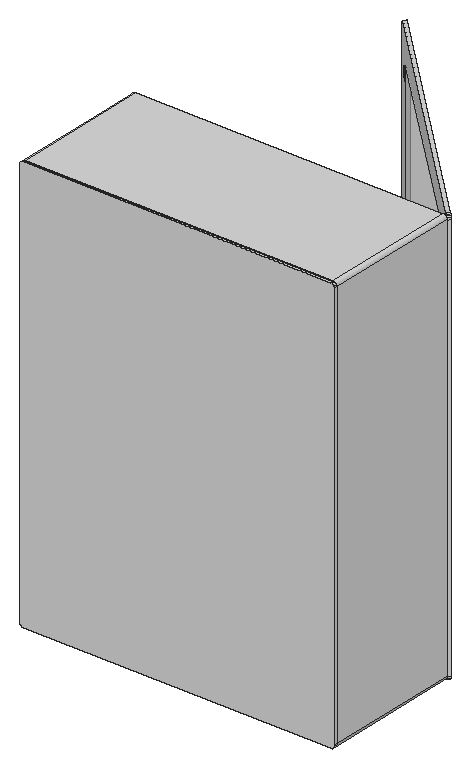
Revit family "Building-ContenitoriParete-GEWISS-46QM-QUADRI-METALLO_PORTA_OBLO", category Attrezzatura elettrica, host Muro, Revit 2016
Family settings
  Host = Muro
  Configurazione quadro = Due colonne, circuiti in orizzontale
  Tipo di parte = Pannello comandi
  Quota connettore circolare = Usa diametro
  Numero OmniClass = 23.80.30.11.17
  Titolo OmniClass = Distribution Boards and Control Panels
  Sempre verticale = Sì
  Taglio con vuoti quando caricato = No
  Condiviso = No
  Punto di calcolo locali = Sì
Parameters (values of type "GW46237 - QUADRO METALLO CON OBLO' 800X1060X350")
  Vista di pianta [instance] = yes
  Versione file RFA = "18.0"
  URL = "https://www.gewiss.com/it/it"
  Tipologia porta = "Porta con oblò in vetro temprato"
  Tipo Materiale = "Metallo"
  Tensione nominale massima di impiego (Ue) = "690V"
  Tensione nominale di tenuta ad impulso = "690V"
  Temperatura di impiego = "-25 +60 °C"
  Struttura quadro = GEWISS - LAMIERA
  Sportello visibile [instance] = yes
  Spessore quadro = 350 mm
  Simbolo [instance] = yes
  Scheda Tecnica = "https://www.gewiss.com/it/it/search?q=GW46237"
  SEO = "Quadro"
  Resistenza agli urti = "IK08"
  Produttore = "GEWISS S.p.A."
  Potenza quadro = 0 V
  Potenza dissipabile B (W) = "284"
  Potenza dissipabile A (W) = "400"
  Porta = GEWISS - Pannello oblo metallo : 2 FORI
  Pannello trasparente = GEWISS COPERCHIO TRASPARENTE
  Pannello = GEWISS - LAMIERA
  Offset etichetta nome quadro [instance] = 685.076 mm
  Normativa = "EN 61439-1, EN 61439-2, EN62208, EN 60670-1, IEC 60670-24"
  Norma di riferimento = "EN 61439-1, EN 61439-2, EN62208, EN 60670-1, IEC 60670-24"
  N. serrature = "2"
  N. mod. EN 50022: = "180 (36x5)"
  N. mod. EN 50022 = "180 (36x5)"
  Modello = "GW46237"
  Materiale = "Lamiera da 10/10 a 15/10 con verniciatura a polvere epossi-poliestere"
  Maniglia visibile [instance] = yes
  Maniglia = GEWISS - NERO
  Larghezza quadro = 800 mm
  Immagine tipo = GW46232.jpg
  IFC.TypeObject = ""
  IFC.ExportType = ""
  IFC.ExportAs = ""
  IDT = "82cfba8f-4f92-4297-867a-ee6e02d53461"
  IDF = "7f562d7c-8855-4a11-bee6-56c200d59a10"
  H_quadro = 1060 mm
  H_da terra = 500 mm
  Grado di protezione = "IP55"
  GW - NOME QUADRO [instance] = "NOME QUADRO"
  GEWISS SCHEDA TECNICA = "http://pro.gewiss.com/irj/portal/?NavigationTarget=pcd:portal_content/com.gewiss.ZPPFDMain/com.gewiss.ZPPFDITMain/com.gewiss.ZPPFDITMainDefault/com.gewiss.ZPPFDITPages/com.gewiss.ZPPFDITPagesAP/com.gewiss.ZPPFDITPagesAPCatalogo/com.gewiss.ZPPPDITAPProductDetail&codProd=GW46237"
  Fast & Easy = "Si"
  Famiglia = "46 QM"
  Etichetta nome quadro [instance] = yes
  Distanza_fori = 100 mm
  Distanza orizzontale del simbolo [instance] = 887.355 mm
  Distanza dal muro [instance] = 4.208 mm
  Dim. nominali BxHxP (mm) = "800x1060x350"
  Dim. funzionali BxHxP (mm) = "800x1060x350"
  Descrizione = "QUADRO METALLO CON OBLO' 800X1060X350"
  Creato da GEWISS S.p.A. = ""
  Cornice simbolo [instance] = yes
  Colore = "Grigio RAL 7035"
  Codice Electrocod = "0320"
  Codice EAN = "8011564096936"
  Classificazione carico = Other
  Classe isolamento = "Predisposto con collare di messa a terra"
  Catalogo Serie = "46 QM"
  Catalogo = "BUILDING"
  Carico Apparente = 0 VA
  COBie.Tagnumber = ""
  COBie.CreatedOn = ""
  COBie.CreatebBy = ""
  COBie.ComponentRegisterItemID = ""
  COBie.Component.TagNumber = ""
  COBie.Component.Space = ""
  COBie.Component.SerialNumber = ""
  COBie.Component.InstallationDate = ""
  COBie.Component.Description = ""
  COBie.Component.BarCode = ""
  Bidimensionale = 2D - QUADRI STAGNI METALLO OBLO : 2 fori
  Applicazione = "Per uso interno"
  Apertura quadro [instance] = 45.00°
  Angolo di apertura reale [instance] = if(Apertura quadro < 0.00°, 0.00°, if(Apertura quadro > 180.00°, 180.00°, Apertura quadro))  # 45.00°
Types (6, lengths in mm): name | Spessore quadro | Scheda Tecnica | Potenza dissipabile B (W) | Potenza dissipabile A (W) | N. mod. EN 50022: | N. mod. EN 50022 | Modello | Larghezza quadro | IDT | H_quadro | GEWISS SCHEDA TECNICA | Dim. nominali BxHxP (mm) | Dim. funzionali BxHxP (mm) | Descrizione | Codice EAN
  GW46232 - QUADRO METALLO CON OBLO' 310X425X160 | 160 | "https://www.gewiss.com/it/it/search?q=GW46232" | "58" | "70" | "36 (12x3)" | "36 (12x3)" | "GW46232" | 313 | "f901a313-ab34-42a9-9e9c-859e89f5595d" | 424 | "http://pro.gewiss.com/irj/portal/?NavigationTarget=pcd:portal_content/com.gewiss.ZPPFDMain/com.gewiss.ZPPFDITMain/com.gewiss.ZPPFDITMainDefault/com.gewiss.ZPPFDITPages/com.gewiss.ZPPFDITPagesAP/com.gewiss.ZPPFDITPagesAPCatalogo/com.gewiss.ZPPPDITAPProductDetail&codProd=GW46232" | "310x425x160" | "310x425x160" | "QUADRO METALLO CON OBLO' 310X425X160" | "8011564096882"
  GW46233 - QUADRO METALLO CON OBLO' 405X500X200 | 200 | "https://www.gewiss.com/it/it/search?q=GW46233" | "80" | "106" | "54 (18x3)" | "54 (18x3)" | "GW46233" | 405 | "bc634fe8-07d9-43b4-bb6f-cd6e7658acd8" | 500 | "http://pro.gewiss.com/irj/portal/?NavigationTarget=pcd:portal_content/com.gewiss.ZPPFDMain/com.gewiss.ZPPFDITMain/com.gewiss.ZPPFDITMainDefault/com.gewiss.ZPPFDITPages/com.gewiss.ZPPFDITPagesAP/com.gewiss.ZPPFDITPagesAPCatalogo/com.gewiss.ZPPPDITAPProductDetail&codProd=GW46233" | "405x500x200" | "405x500x200" | "QUADRO METALLO CON OBLO' 405X500X200" | "8011564096899"
  GW46234 - QUADRO METALLO CON OBLO' 405X650X200 | 200 | "https://www.gewiss.com/it/it/search?q=GW46234" | "97" | "135" | "72 (18x4)" | "72 (18x4)" | "GW46234" | 405 | "637650c1-3469-492a-8063-965a9a9c19cd" | 650 | "http://pro.gewiss.com/irj/portal/?NavigationTarget=pcd:portal_content/com.gewiss.ZPPFDMain/com.gewiss.ZPPFDITMain/com.gewiss.ZPPFDITMainDefault/com.gewiss.ZPPFDITPages/com.gewiss.ZPPFDITPagesAP/com.gewiss.ZPPFDITPagesAPCatalogo/com.gewiss.ZPPPDITAPProductDetail&codProd=GW46234" | "405x650x200" | "405x650x200" | "QUADRO METALLO CON OBLO' 405X650X200" | "8011564096905"
  GW46235 - QUADRO METALLO CON OBLO' 515X650X250 | 250 | "https://www.gewiss.com/it/it/search?q=GW46235" | "115" | "180" | "96 (24x4)" | "96 (24x4)" | "GW46235" | 515 | "a0f4b47d-0c70-408a-9c1b-c9ac804185b3" | 650 | "http://pro.gewiss.com/irj/portal/?NavigationTarget=pcd:portal_content/com.gewiss.ZPPFDMain/com.gewiss.ZPPFDITMain/com.gewiss.ZPPFDITMainDefault/com.gewiss.ZPPFDITPages/com.gewiss.ZPPFDITPagesAP/com.gewiss.ZPPFDITPagesAPCatalogo/com.gewiss.ZPPPDITAPProductDetail&codProd=GW46235" | "515x650x250" | "515x650x250" | "QUADRO METALLO CON OBLO' 515X650X250" | "8011564096912"
  GW46236 - QUADRO METALLO CON OBLO' 585X800X300 | 300 | "https://www.gewiss.com/it/it/search?q=GW46236" | "159" | "240" | "140 (28x5)" | "140 (28x5)" | "GW46236" | 585 | "0ced46e3-2309-44bf-b4a9-33ea1b3132df" | 800 | "http://pro.gewiss.com/irj/portal/?NavigationTarget=pcd:portal_content/com.gewiss.ZPPFDMain/com.gewiss.ZPPFDITMain/com.gewiss.ZPPFDITMainDefault/com.gewiss.ZPPFDITPages/com.gewiss.ZPPFDITPagesAP/com.gewiss.ZPPFDITPagesAPCatalogo/com.gewiss.ZPPPDITAPProductDetail&codProd=GW46236" | "585x800x300" | "585x800x300" | "QUADRO METALLO CON OBLO' 585X800X300" | "8011564096929"
  GW46237 - QUADRO METALLO CON OBLO' 800X1060X350 | 350 | "https://www.gewiss.com/it/it/search?q=GW46237" | "284" | "400" | "180 (36x5)" | "180 (36x5)" | "GW46237" | 800 | "82cfba8f-4f92-4297-867a-ee6e02d53461" | 1060 | "http://pro.gewiss.com/irj/portal/?NavigationTarget=pcd:portal_content/com.gewiss.ZPPFDMain/com.gewiss.ZPPFDITMain/com.gewiss.ZPPFDITMainDefault/com.gewiss.ZPPFDITPages/com.gewiss.ZPPFDITPagesAP/com.gewiss.ZPPFDITPagesAPCatalogo/com.gewiss.ZPPPDITAPProductDetail&codProd=GW46237" | "800x1060x350" | "800x1060x350" | "QUADRO METALLO CON OBLO' 800X1060X350" | "8011564096936"
Reference planes
  plane 1 "Muro": y = 0
  plane 2 "Centro (Sinistra/Destra)": x = 125
  plane 3 "Indietro": y = 75
  plane 4 "SX": x = -275
  plane 5 "DX": x = 525
  plane 6: y = 431
  plane 7 "Base quadro": z = 500
  plane 8: z = 1560
  plane 9: y = 81
  plane 10: z = 1030
  plane 11: x = -1162.355
  plane 12: y = 760.076
Forms (mm)
  Extrusion 1, solid, material "GEWISS - LAMIERA" <- "Struttura quadro"
    sketch origin (0, 0, 0) x (1, 0, 0) y (0, 0, 1)
      loop
        line (515.613, 1560) -> (-265.613, 1560)
        arc (-265.613, 1560) -> (-272.251, 1557.251) -> (-275, 1550.613) r 9.387
        line (-275, 1550.613) -> (-275, 509.387)
        arc (-275, 509.387) -> (-272.251, 502.749) -> (-265.613, 500) r 9.387
        line (-265.613, 500) -> (515.613, 500)
        arc (515.613, 500) -> (522.251, 502.749) -> (525, 509.387) r 9.387
        line (525, 509.387) -> (525, 1550.613)
        arc (525, 1550.613) -> (522.251, 1557.251) -> (515.613, 1560) r 9.387
      loop
        line (499.613, 1540) -> (-249.613, 1540)
        arc (-249.613, 1540) -> (-253.422, 1538.422) -> (-255, 1534.613) r 5.387
        line (-255, 1534.613) -> (-255, 525.387)
        arc (-255, 525.387) -> (-253.422, 521.578) -> (-249.613, 520) r 5.387
        line (-249.613, 520) -> (499.613, 520)
        arc (499.613, 520) -> (503.422, 521.578) -> (505, 525.387) r 5.387
        line (505, 525.387) -> (505, 1534.613)
        arc (505, 1534.613) -> (503.422, 1538.422) -> (499.613, 1540) r 5.387
    from -431 to -81
  Extrusion 2, solid, material "GEWISS - LAMIERA" <- "Pannello"
    sketch origin (0, 0, 0) x (1, 0, 0) y (0, 0, 1)
      loop
        arc (-265.613, 1560) -> (-272.251, 1557.251) -> (-275, 1550.613) r 9.387
        line (-275, 1550.613) -> (-275, 509.387)
        arc (-275, 509.387) -> (-272.251, 502.749) -> (-265.613, 500) r 9.387
        line (-265.613, 500) -> (515.613, 500)
        arc (515.613, 500) -> (522.251, 502.749) -> (525, 509.387) r 9.387
        line (525, 509.387) -> (525, 1550.613)
        arc (525, 1550.613) -> (522.251, 1557.251) -> (515.613, 1560) r 9.387
        line (515.613, 1560) -> (-265.613, 1560)
    from -81 to -75
Lines and regions (mm)
  Masking region 1, visible <- "Vista di pianta"
    outline origin (-33, 241, 0) x (0.984808, 0.173648, 0) y (-0.173648, 0.984808, 0)
      loop
        line (520.697, -260.374) -> (582.516, 90.218) -> (-205.33, 229.136) -> (-267.149, -121.455) -> (520.697, -260.374)
  Masking region 2
    outline origin (125, 0, 0) x (0, 1, 0) y (0, 0, 1)
      loop
        line (75, 500) -> (431, 500) -> (431, 1560) -> (75, 1560) -> (75, 500)
  Masking region 3, visible <- "Vista di pianta"
    outline origin (-33, 241, 0) x (0.984808, 0.173648, 0) y (-0.173648, 0.984808, 0)
      loop
        line (123.655, 745.539) -> (582.516, 90.218) -> (589.069, 94.806) -> (130.208, 750.128) -> (123.655, 745.539)
  reference lines
    curve 1: line (525, 431, 0) -> (242.157, 713.843, 0)
Text (mm)
  text "Lato posizionamento" at (-2540.362, 1733.729, 0), in view "Livello rif."
  text "Lato posizionamento" at (0, 1409.804, 2854.306), in view "Sinistra"
  text "Lato posizionamento" at (0, 499.811, 2980.732), in view "Destra"
Dimensions and locks
  locked: plane 3 "Indietro" to host wall
  "H_da terra": level to plane 7 "Base quadro"
  "H_quadro": plane 7 "Base quadro" to plane 8
  locked: plane 9 to host wall at 6
  "Spessore quadro": plane 6 to plane 9
  equal spacing: plane 7 "Base quadro", plane 10, plane 8
  "Larghezza quadro": plane 4 "SX" to plane 5 "DX"
  "Distanza orizzontale del simbolo": plane 11 to plane 4 "SX"
  "Offset etichetta nome quadro": plane 12 to plane 3 "Indietro"
  equal spacing: plane 4 "SX", plane 2 "Centro (Sinistra/Destra)", plane 5 "DX"
  locked: Extrusion 1 sketch curve to Extrusion 1 sketch curve at 20  (x4)
  "Apertura quadro": angle curve 1 to plane 6
  aligned and locked: plane 1 "Muro" to host wall
  aligned and locked: plane 8 to Extrusion 1 sketch curve
  aligned and locked: plane 5 "DX" to Extrusion 1 sketch curve
  aligned and locked: Extrusion 1 sketch curve to plane 7 "Base quadro"
  aligned and locked: Extrusion 1 sketch curve to plane 4 "SX"
  aligned and locked: plane 6 to Extrusion 1
  aligned and locked: Extrusion 1 to plane 9
  aligned and locked: plane 9 to Extrusion 2
  aligned and locked: Extrusion 2 to host wall
  aligned and locked: nested 2 to plane 12
  aligned and locked: plane 11 to nested 3
  aligned and locked: Masking region 1 sketch curve to plane 6
  aligned and locked: Masking region 1 sketch curve to plane 3 "Indietro"
  aligned and locked: Masking region 1 sketch curve to plane 5 "DX"
  aligned and locked: plane 4 "SX" to Masking region 1 sketch curve
  aligned and locked: Masking region 2 sketch curve to Extrusion 2
  aligned and locked: Masking region 2 sketch curve to Extrusion 1  (x2)
  aligned and locked: nested 4 to plane 10
  aligned and locked: plane 5 "DX" to nested 4
  aligned and locked: plane 7 "Base quadro" to nested 1
  aligned and locked: plane 6 to Masking region 1  (x2)
  aligned and locked: Extrusion 2 sketch curve to Extrusion 1  (x4)
  aligned and locked: plane 2 "Centro (Sinistra/Destra)" to nested 2
  aligned and locked: plane 5 "DX" to curve 1
  aligned and locked: nested 1 to curve 1
  aligned and locked: Masking region 3 sketch curve to nested 1  (x4)
Automatic sketch dimensions
  Extrusion 1 sketch curve to Extrusion 1 sketch curve = 16 mm  (x4)
  Extrusion 1 sketch curve to Extrusion 1 sketch curve = 5.387 mm  (x3)
  Extrusion 1 sketch curve to Extrusion 1 sketch curve = 10.613 mm
  Extrusion 2 sketch curve to Extrusion 2 sketch curve = 9.387 mm  (x2)
  Extrusion 2 sketch curve to plane 5 "DX" = 9.387 mm  (x2)
  Masking region 2 sketch curve to plane 7 "Base quadro" = 0 mm
  curve 1 to plane 6 = 0 mm
Nested families
  nested 1: "GEWISS - Pannello oblo metallo" at (242.157, 713.843, 104) x (0.7071, -0.7071, 0) z (0, 0, 1), visible <- "Sportello visibile", H_pannello <- "H_quadro", Larghezza pannello <- "Larghezza quadro", type <- "Porta", type "2 FORI"
    with Larghezza pannello 800 mm, H_pannello 1060 mm
  nested 2: "NOME QUADRO" at (125, 760.076, 0), TXT <- "GW - NOME QUADRO", visible <- "Etichetta nome quadro", type "NOME QUADRO"
    with TXT "NOME QUADRO"
  nested 3: "QUADRILAN" at (-1162.355, 75, 0), Distanza dal muro <- "Distanza dal muro", BORDO ACCESO <- "Cornice simbolo", SIMBOLO ACCESO <- "Simbolo", type "QUADRILAN"
    with SIMBOLO ACCESO yes, Distanza dal muro 4.208 mm, BORDO ACCESO yes
  nested 4: "2D - QUADRI STAGNI METALLO OBLO" at (125, 0, 1030) x (-1, 0, 0) z (0, -1, 0), Altezza <- "H_quadro", Larghezza <- "Larghezza quadro", type <- "Bidimensionale", type "2 fori"
    with Larghezza 800 mm, Altezza 1060 mm
Connectors
  electrical at (125, 256, 1560), driven by "Carico Apparente", driven by "Classificazione carico", driven by "Potenza quadro"
    settings: on Extrusion 1, index 1, voltage 0 V, apparent load 0 VA, apparent load phase1 0 VA, apparent load phase2 0 VA, apparent load phase3 0 VA, power factor 1, load classification "Other", number of poles 1, system type 31, power factor state 1, is connector primary yes, connector utility no, sub classification motor no, connector description ""
Definition of nested family "GEWISS - Pannello oblo metallo"
  Parameters (values of type "1 FORO")
    Default Elevation = 1219.2 mm
    Pannello trasparente = none
    Pannello = none
    Maniglia = none
    Larghezza pannello [instance] = 316 mm
    H_pannello [instance] = 396 mm
    H_da terra = 396 mm
    2 FORI = no
    1 FORO = yes
  Types (2, lengths in mm): name | 2 FORI | 1 FORO
    1 FORO | no | yes
    2 FORI | yes | no
  Reference planes
    plane 1 "Centro (Fronte/Retro)": y = 0
    plane 2: z = 0
    plane 3 "Centro (Sinistra/Destra)": x = 0
    plane 4: x = -158
    plane 5: x = 158
    plane 6: y = 8
    plane 7: z = 792
    plane 8: z = 396
    plane 9: z = 594
    plane 10: x = -115.8
    plane 11: z = 691.5
    plane 12: z = 508.2
    plane 13: x = 87
    plane 14: x = -87
    plane 15: z = 721
    plane 16: z = 467
  Forms (mm)
    Extrusion 1, solid, material <- "Pannello", visible <- "1 FORO"
      sketch origin (0, 0, 0) x (1, 0, 0) y (0, 0, 1)
        loop
          line (-148.613, 792) -> (-152.972, 790.92) -> (-155.581, 788.905) -> (-157.569, 785.491) -> (-158, 781.674) -> (-158, 406.326) -> (-157.277, 401.774) -> (-155.331, 398.831) -> (-152.312, 396.76) -> (-148.613, 396) -> (148.613, 396) -> (152.205, 396.714) -> (155.251, 398.749) -> (157.335, 401.918) -> (158, 406.326) -> (158, 781.674) -> (157.678, 785.136) -> (155.581, 788.905) -> (152.77, 791.023) -> (148.613, 792) -> (-148.613, 792)
        loop
          line (-87, 721) -> (-87, 467) -> (87, 467) -> (87, 721) -> (-87, 721)
        loop
          circle (-115.8, 594) r 14.644
      from -8 to 0
    Extrusion 2, solid, material <- "Maniglia", visible <- "1 FORO"
      sketch origin (0, 0, 0) x (1, 0, 0) y (0, 0, 1)
        loop
          circle (-115.8, 594) r 14.644
      from -8 to 0
    Extrusion 3, solid, material <- "Pannello", visible <- "2 FORI"
      sketch origin (0, 0, 0) x (1, 0, 0) y (0, 0, 1)
        loop
          line (-148.613, 792) -> (-152.972, 790.92) -> (-155.581, 788.905) -> (-157.569, 785.491) -> (-158, 781.674) -> (-158, 406.326) -> (-157.277, 401.774) -> (-155.331, 398.831) -> (-152.312, 396.76) -> (-148.613, 396) -> (148.613, 396) -> (152.205, 396.714) -> (155.251, 398.749) -> (157.335, 401.918) -> (158, 406.326) -> (158, 781.674) -> (157.678, 785.136) -> (155.581, 788.905) -> (152.77, 791.023) -> (148.613, 792) -> (-148.613, 792)
        loop
          line (-87, 467) -> (87, 467) -> (87, 721) -> (-87, 721) -> (-87, 467)
        loop
          circle (-115.8, 691.5) r 14.644
        loop
          circle (-115.8, 508.2) r 14.644
      from -8 to 0
    Extrusion 4, solid, material <- "Maniglia", visible <- "2 FORI"
      sketch origin (0, 0, 0) x (1, 0, 0) y (0, 0, 1)
        loop
          circle (-115.8, 691.5) r 14.644
        loop
          circle (-115.8, 508.2) r 14.644
      from -8 to 0
    Extrusion 5, solid, material <- "Pannello trasparente", visible <- "2 FORI"
      sketch origin (0, 0, 0) x (1, 0, 0) y (0, 0, 1)
        loop
          line (-87, 721) -> (-87, 467) -> (87, 467) -> (87, 721) -> (-87, 721)
      from -8 to 0
    Extrusion 6, solid, material <- "Pannello trasparente", visible <- "1 FORO"
      sketch origin (0, 0, 0) x (1, 0, 0) y (0, 0, 1)
        loop
          line (-87, 721) -> (-87, 467) -> (87, 467) -> (87, 721) -> (-87, 721)
      from -8 to 0
  Dimensions and locks
    locked: plane 1 "Centro (Fronte/Retro)" to plane 6 at 8
    "H_pannello": plane 7 to plane 8
    "H_da terra": plane 8 to plane 2
    "Larghezza pannello": plane 4 to plane 5
    equal spacing: plane 5, plane 3 "Centro (Sinistra/Destra)", plane 4
    equal spacing: plane 7, plane 9, plane 8
    locked: plane 7 to plane 11 at 100.5
    locked: plane 12 to plane 8 at 112.2
    locked: plane 10 to plane 4 at 42.2
    locked: plane 16 to plane 8 at 71
    locked: plane 7 to plane 15 at 71
    locked: plane 14 to plane 4 at 71
    locked: plane 5 to plane 13 at 71
    aligned and locked: level to plane 2
    aligned and locked: plane 6 to Extrusion 1
    aligned and locked: plane 1 "Centro (Fronte/Retro)" to Extrusion 1
    aligned and locked: plane 6 to Extrusion 2
    aligned and locked: plane 1 "Centro (Fronte/Retro)" to Extrusion 2
    aligned and locked: plane 6 to Extrusion 6
    aligned and locked: plane 1 "Centro (Fronte/Retro)" to Extrusion 6
    aligned and locked: plane 6 to Extrusion 5
    aligned and locked: plane 1 "Centro (Fronte/Retro)" to Extrusion 5
    aligned and locked: Extrusion 6 sketch curve to Extrusion 3  (x4)
    aligned and locked: Extrusion 5 sketch curve to Extrusion 3  (x4)
    aligned and locked: Extrusion 1 sketch curve to Extrusion 3  (x4)
    aligned and locked: plane 13 to Extrusion 6  (x8)
    aligned and locked: plane 13 to Extrusion 5
    aligned and locked: Extrusion 3 to plane 13
    aligned and locked: Extrusion 1 to plane 13
    aligned and locked: plane 14 to Extrusion 6
    aligned and locked: plane 15 to Extrusion 6
    aligned and locked: plane 16 to Extrusion 6
  Automatic sketch dimensions
    Extrusion 4 sketch curve to plane 10 = 0 mm  (x2)
    Extrusion 4 sketch curve to plane 12 = 0 mm
    Extrusion 4 sketch curve to plane 11 = 0 mm
    Extrusion 3 sketch curve to plane 4 = 0 mm
    Extrusion 3 sketch curve to plane 8 = 0 mm
    Extrusion 3 sketch curve to plane 7 = 0 mm
    Extrusion 3 sketch curve to plane 5 = 0 mm
    plane 4 to Extrusion 3 sketch curve = 0.431 mm
    plane 4 to Extrusion 3 sketch curve = 0.723 mm
    plane 4 to Extrusion 3 sketch curve = 2.419 mm
    plane 4 to Extrusion 3 sketch curve = 2.669 mm
    Extrusion 3 sketch curve to plane 7 = 1.08 mm
    Extrusion 3 sketch curve to Extrusion 3 sketch curve = 2.609 mm
    plane 8 to Extrusion 3 sketch curve = 0.76 mm
    Extrusion 3 sketch curve to Extrusion 3 sketch curve = 3.019 mm
    Extrusion 3 sketch curve to Extrusion 3 sketch curve = 3.699 mm
    Extrusion 3 sketch curve to Extrusion 3 sketch curve = 4.359 mm
    Extrusion 3 sketch curve to plane 5 = 9.387 mm  (x2)
    plane 8 to Extrusion 3 sketch curve = 0.714 mm
    Extrusion 3 sketch curve to Extrusion 3 sketch curve = 3.592 mm
    Extrusion 3 sketch curve to plane 7 = 0.977 mm
    Extrusion 3 sketch curve to Extrusion 3 sketch curve = 4.157 mm
    Extrusion 3 sketch curve to plane 5 = 2.749 mm
    Extrusion 3 sketch curve to plane 5 = 2.419 mm
    Extrusion 3 sketch curve to plane 5 = 0.665 mm
    Extrusion 3 sketch curve to plane 5 = 0.322 mm
    plane 8 to Extrusion 3 sketch curve = 2.749 mm
    plane 8 to Extrusion 3 sketch curve = 2.831 mm
    Extrusion 3 sketch curve to Extrusion 3 sketch curve = 2.944 mm
    Extrusion 3 sketch curve to Extrusion 3 sketch curve = 3.168 mm
    Extrusion 3 sketch curve to Extrusion 3 sketch curve = 4.408 mm
    Extrusion 3 sketch curve to Extrusion 3 sketch curve = 4.552 mm
    Extrusion 3 sketch curve to plane 7 = 10.326 mm  (x2)
    Extrusion 3 sketch curve to Extrusion 3 sketch curve = 3.462 mm
    Extrusion 3 sketch curve to Extrusion 3 sketch curve = 3.817 mm
    Extrusion 3 sketch curve to plane 7 = 3.095 mm  (x2)
    Extrusion 2 sketch curve to plane 9 = 0 mm
    Extrusion 2 sketch curve to plane 10 = 0 mm
    plane 10 to Extrusion 3 sketch curve = 28.8 mm
    Extrusion 3 sketch curve to Extrusion 3 sketch curve = 61.613 mm
    plane 12 to Extrusion 3 sketch curve = 41.2 mm
    plane 11 to Extrusion 3 sketch curve = 29.5 mm
    Extrusion 1 sketch curve to plane 4 = 0 mm
    Extrusion 1 sketch curve to plane 7 = 0 mm
    Extrusion 1 sketch curve to plane 8 = 0 mm
    Extrusion 1 sketch curve to plane 5 = 0 mm
    plane 4 to Extrusion 1 sketch curve = 0.431 mm
    plane 4 to Extrusion 1 sketch curve = 0.723 mm
    plane 4 to Extrusion 1 sketch curve = 2.419 mm
    plane 4 to Extrusion 1 sketch curve = 2.669 mm
    Extrusion 1 sketch curve to plane 7 = 1.08 mm
    Extrusion 1 sketch curve to Extrusion 1 sketch curve = 2.609 mm
    plane 8 to Extrusion 1 sketch curve = 0.76 mm
    Extrusion 1 sketch curve to Extrusion 1 sketch curve = 3.019 mm
    Extrusion 1 sketch curve to Extrusion 1 sketch curve = 4.359 mm
    Extrusion 1 sketch curve to Extrusion 1 sketch curve = 3.699 mm
    Extrusion 1 sketch curve to plane 5 = 9.387 mm  (x2)
    plane 8 to Extrusion 1 sketch curve = 0.714 mm
    Extrusion 1 sketch curve to Extrusion 1 sketch curve = 3.592 mm
    Extrusion 1 sketch curve to plane 7 = 0.977 mm
    Extrusion 1 sketch curve to Extrusion 1 sketch curve = 4.157 mm
    Extrusion 1 sketch curve to plane 5 = 2.749 mm
    Extrusion 1 sketch curve to plane 5 = 2.419 mm
    Extrusion 1 sketch curve to plane 5 = 0.665 mm
    Extrusion 1 sketch curve to plane 5 = 0.322 mm
    plane 8 to Extrusion 1 sketch curve = 2.749 mm
    plane 8 to Extrusion 1 sketch curve = 2.831 mm
    Extrusion 1 sketch curve to Extrusion 1 sketch curve = 2.944 mm
    Extrusion 1 sketch curve to Extrusion 1 sketch curve = 3.168 mm
    Extrusion 1 sketch curve to Extrusion 1 sketch curve = 4.552 mm
    Extrusion 1 sketch curve to Extrusion 1 sketch curve = 4.408 mm
    Extrusion 1 sketch curve to plane 7 = 10.326 mm  (x2)
    Extrusion 1 sketch curve to Extrusion 1 sketch curve = 3.462 mm
    Extrusion 1 sketch curve to Extrusion 1 sketch curve = 3.817 mm
    Extrusion 1 sketch curve to plane 7 = 3.095 mm  (x2)
    Extrusion 3 sketch curve to plane 11 = 0 mm
    Extrusion 3 sketch curve to plane 10 = 0 mm  (x2)
    Extrusion 3 sketch curve to Extrusion 3 sketch curve = 14.644 mm  (x2)
    Extrusion 3 sketch curve to Extrusion 3 sketch curve = 0 mm  (x2)
    Extrusion 3 sketch curve to plane 12 = 0 mm
    Extrusion 1 sketch curve to Extrusion 1 sketch curve = 0 mm  (x2)
    Extrusion 1 sketch curve to plane 9 = 0 mm
    Extrusion 1 sketch curve to plane 10 = 0 mm
    Extrusion 1 sketch curve to Extrusion 1 sketch curve = 14.644 mm
    radius of Extrusion 4 sketch curve = 14.644 mm  (x2)
    radius of Extrusion 2 sketch curve = 14.644 mm
Definition of nested family "NOME QUADRO"
  Parameters (values of type "NOME QUADRO")
    TXT [instance] = ""
  Reference planes
    plane 1: y = 0
    plane 2: x = 0
  Text (mm)
    label "NOME QUADRO" at (0.217, 0.029, 0), shows "TXT"
Definition of nested family "QUADRILAN"
  Parameters (values of type "QUADRILAN")
    SIMBOLO ACCESO [instance] = yes
    Distanza dal muro [instance] = 4.208 mm
    BORDO ACCESO [instance] = yes
  Reference planes
    plane 1: y = 0
    plane 2: x = 0
  Dimensions and locks
    "Distanza dal muro": plane 1 to nested 1
    aligned and locked: plane 2 to nested 1
  Nested families
    nested 1: "QUADRILAN_BASE" at (0, 4.208, 0), BORDO ACCESO <- "BORDO ACCESO", visible <- "SIMBOLO ACCESO", type "QUADRILAN"
      with BORDO ACCESO yes
  Definition of nested family "QUADRILAN_BASE"
    Parameters (values of type "QUADRILAN")
      Distanza dal muro = 4.208 mm
      BORDO ACCESO [instance] = yes
    Reference planes
      plane 1: y = 0
      plane 2: x = 0
    Lines and regions (mm)
      detail lines, visible <- "BORDO ACCESO"
        curve 1: line (-2, 2.5, 0) -> (2, 2.5, 0)
        curve 2: line (2, 2.5, 0) -> (2, 0, 0)
        curve 3: line (2, 0, 0) -> (-2, 0, 0)
        curve 4: line (-2, 0, 0) -> (-2, 2.5, 0)
        curve 5: line (-1.9, 2.4, 0) -> (1.9, 2.4, 0)
        curve 6: line (1.9, 2.4, 0) -> (1.9, 0.1, 0)
        curve 7: line (1.9, 0.1, 0) -> (-1.9, 0.1, 0)
        curve 8: line (-1.9, 0.1, 0) -> (-1.9, 2.4, 0)
      detail lines, visible <- "BORDO ACCESO", not visible
        curve 9: line (-2.443, 10.208, 0) -> (2.057, 10.208, 0)
        curve 10: line (2.057, 10.208, 0) -> (2.057, 4.208, 0)
        curve 11: line (2.057, 4.208, 0) -> (-2.443, 4.208, 0)
        curve 12: line (-2.443, 4.208, 0) -> (-2.443, 10.208, 0)
        curve 13: line (-2.043, 9.808, 0) -> (1.657, 9.808, 0)
        curve 14: line (1.657, 9.808, 0) -> (1.657, 4.608, 0)
        curve 15: line (1.657, 4.608, 0) -> (-2.043, 4.608, 0)
        curve 16: line (-2.043, 4.608, 0) -> (-2.043, 9.808, 0)
      detail lines
        curve 17: line (1.731, 0.358, 0) -> (-1.731, 2.088, 0)
        curve 18: line (-1.731, 2.088, 0) -> (-0.201, 2.088, 0)
        curve 19: line (-0.201, 2.088, 0) -> (1.731, 2.088, 0)
        curve 20: line (1.731, 2.088, 0) -> (1.731, 0.358, 0)
        curve 21: line (1.731, 0.358, 0) -> (-1.731, 0.358, 0)
        curve 22: line (-1.731, 0.358, 0) -> (-1.731, 2.088, 0)
    Dimensions and locks
      aligned and locked: curve 3 to plane 1
Definition of nested family "2D - QUADRI STAGNI METALLO OBLO"
  Parameters (values of type "2 fori")
    Larghezza [instance] = 396 mm
    Altezza [instance] = 474 mm
    2 fori = yes
  Reference planes
    plane 1 "Centro (Fronte/Retro)": y = 0
    plane 2: z = 0
    plane 3 "Centro (Sinistra/Destra)": x = 0
    plane 4: x = -198
    plane 5: x = 198
    plane 6: y = 237
    plane 7: y = -237
    plane 8: x = -127
    plane 9: x = 127
    plane 10: y = 166
    plane 11: y = -166
  Lines and regions (mm)
    model lines, in view "Livello rif.", visible <- "2 fori", detail levels medium+fine
      curve 1: circle (155.757, -136.483, 0) r 14.644 normal (0, 0, 1)
      curve 2: circle (155.757, -136.483, 0) r 11.828 normal (0, 0, 1)
      curve 3: circle (155.757, -136.483, 0) r 7.04 normal (0, 0, 1)
      curve 4: circle (155.757, 124.834, 0) r 11.828 normal (0, 0, 1)
      curve 5: circle (155.757, 124.834, 0) r 14.644 normal (0, 0, 1)
      curve 6: circle (155.757, 124.834, 0) r 7.04 normal (0, 0, 1)
    model lines, in view "Livello rif."
      curve 7: line (-188.613, -237, 0) -> (-192.172, -236.299, 0)
      curve 8: line (-192.172, -236.299, 0) -> (-195.251, -234.251, 0)
      curve 9: line (-195.251, -234.251, 0) -> (-197.445, -230.793, 0)
      curve 10: line (-197.445, -230.793, 0) -> (-198, -227.613, 0)
      curve 11: line (-198, -227.613, 0) -> (-198, 226.674, 0)
      curve 13: line (198, 226.674, 0) -> (198, -227.613, 0)
      curve 14: line (198, -227.613, 0) -> (197.281, -231.215, 0)
      curve 15: line (197.281, -231.215, 0) -> (195.251, -234.251, 0)
      curve 16: line (195.251, -234.251, 0) -> (192.25, -236.267, 0)
      curve 17: line (192.25, -236.267, 0) -> (188.613, -237, 0)
      curve 18: line (188.613, -237, 0) -> (-188.613, -237, 0)
      curve 20: line (-198, 226.674, 0) -> (-198, 227.613, 0)
      curve 21: line (-198, 227.613, 0) -> (-197.339, 231.072, 0)
      curve 22: line (-197.339, 231.072, 0) -> (-195.362, 234.137, 0)
      curve 23: line (-195.362, 234.137, 0) -> (-192.869, 235.98, 0)
      curve 24: line (-192.869, 235.98, 0) -> (-188.613, 237, 0)
      curve 25: line (-188.613, 237, 0) -> (188.613, 237, 0)
      curve 26: line (188.613, 237, 0) -> (192.796, 236.016, 0)
      curve 27: line (192.796, 236.016, 0) -> (195.251, 234.251, 0)
      curve 28: line (195.251, 234.251, 0) -> (197.047, 231.734, 0)
      curve 29: line (197.047, 231.734, 0) -> (198, 227.613, 0)
      curve 30: line (198, 227.613, 0) -> (198, 226.674, 0)
    model lines, in view "Livello rif.", detail levels medium+fine
      curve 12: line (-198, 226.674, 0) -> (198, 226.674, 0)
      curve 19: line (198, -226.674, 0) -> (-198, -226.674, 0)
    detail lines, in view "Livello rif."
      curve 31: line (-110.671, 97.219, 0) -> (-42.545, 142.455, 0)
      curve 32: line (-74.172, 96.503, 0) -> (-46.885, 114.621, 0)
      curve 33: line (-66.299, 80.043, 0) -> (-21.486, 109.799, 0)
      curve 37: line (110.302, -108.902, 0) -> (42.176, -154.137, 0)
      curve 38: line (73.802, -108.186, 0) -> (46.516, -126.304, 0)
      curve 39: line (65.93, -91.725, 0) -> (21.116, -121.481, 0)
      curve 40: line (-127, -166, 0) -> (127, -166, 0)
      curve 41: line (-127, 166, 0) -> (-127, -166, 0)
      curve 42: line (127, 166, 0) -> (-127, 166, 0)
      curve 43: line (127, -166, 0) -> (127, 166, 0)
    detail lines, in view "Livello rif.", not visible
      curve 34: line (-174.471, 149.002, 0) -> (-106.345, 194.238, 0)
      curve 35: line (-137.971, 148.286, 0) -> (-110.685, 166.404, 0)
      curve 36: line (-130.099, 131.826, 0) -> (-85.285, 161.582, 0)
  Dimensions and locks
    equal spacing: plane 6, plane 1 "Centro (Fronte/Retro)", plane 7
    "Altezza": plane 6 to plane 7
    equal spacing: plane 4, plane 3 "Centro (Sinistra/Destra)", plane 5
    "Larghezza": plane 4 to plane 5
    locked: curve 6 to plane 5 at 42.243
    locked: plane 6 to curve 5 at 112.166
    locked: curve 1 to plane 7 at 100.517
    curve 2 to plane 5 = 42.243 mm
    locked: plane 6 to plane 10 at 71
    locked: plane 11 to plane 7 at 71
    locked: plane 4 to plane 8 at 71
    locked: plane 9 to plane 5 at 71
    locked: curve 39 to plane 11 at 44.519
    locked: curve 39 to plane 9 at 61.07
    locked: plane 10 to curve 31 at 23.545
    locked: plane 8 to curve 31 at 16.329
    aligned and locked: curve 25 to plane 6
    aligned and locked: plane 7 to curve 18
    aligned and locked: curve 13 to plane 5
    aligned and locked: plane 4 to curve 11
    aligned and locked: curve 40 to plane 11
    aligned and locked: curve 41 to plane 8
    aligned and locked: plane 10 to curve 42
    aligned and locked: curve 43 to plane 9
  Automatic sketch dimensions
    curve 1 to curve 2 = 0 mm  (x2)
    curve 1 to curve 3 = 0 mm  (x2)
    curve 4 to curve 5 = 0 mm  (x2)
    curve 4 to curve 6 = 0 mm  (x2)
    plane 4 to curve 10 = 0.555 mm
    plane 4 to curve 21 = 0.661 mm
    plane 4 to curve 23 = 2.638 mm
    plane 4 to curve 8 = 2.749 mm
    curve 23 to plane 6 = 1.02 mm
    curve 22 to curve 23 = 2.493 mm
    plane 7 to curve 8 = 0.701 mm
    curve 8 to curve 8 = 3.078 mm
    curve 23 to curve 24 = 4.256 mm
    curve 7 to curve 18 = 3.56 mm
    curve 26 to plane 5 = 9.387 mm
    curve 17 to plane 5 = 9.387 mm
    plane 7 to curve 16 = 0.733 mm
    curve 17 to curve 16 = 3.637 mm
    curve 27 to plane 6 = 0.984 mm
    curve 25 to curve 27 = 4.183 mm
    curve 27 to plane 5 = 2.749 mm
    curve 16 to plane 5 = 2.749 mm
    curve 29 to plane 5 = 0.953 mm
    curve 14 to plane 5 = 0.719 mm
    plane 7 to curve 15 = 2.749 mm
    plane 7 to curve 9 = 2.749 mm
    curve 15 to curve 14 = 3.036 mm
    curve 8 to curve 9 = 3.458 mm
    curve 9 to curve 11 = 3.18 mm
    curve 14 to curve 13 = 3.602 mm
    curve 12 to plane 6 = 10.326 mm
    curve 12 to curve 29 = 0.939 mm
    curve 11 to curve 21 = 0.939 mm
    curve 20 to curve 21 = 3.46 mm
    curve 29 to curve 28 = 4.121 mm
    curve 22 to plane 6 = 2.863 mm
    curve 27 to plane 6 = 2.749 mm
    curve 13 to curve 19 = 0.939 mm
    radius of curve 1 = 14.644 mm
    radius of curve 2 = 11.828 mm
    radius of curve 3 = 7.04 mm
    radius of curve 4 = 11.828 mm
    radius of curve 5 = 14.644 mm
    radius of curve 6 = 7.04 mm
